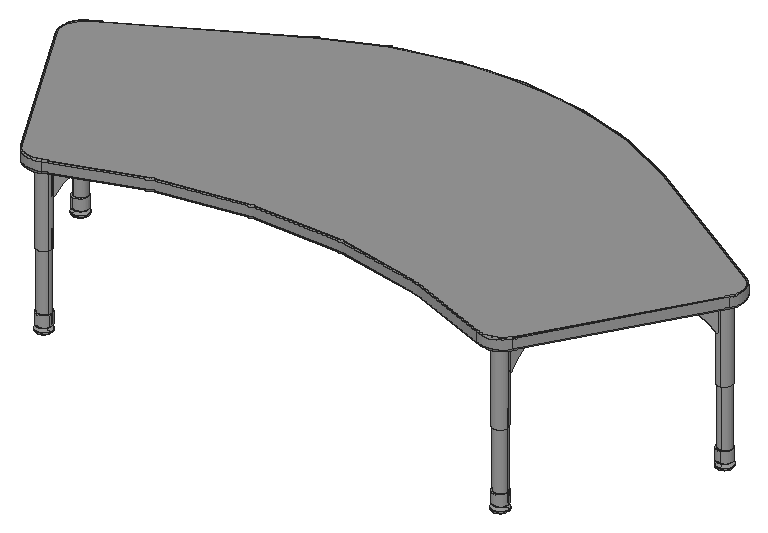
Revit family "Hierarchy Cheshire 72in Table - Youth Height", category Furniture, Revit 2018
Family settings
  Work Plane-Based = No
  Always vertical = Yes
  Cut with Voids When Loaded = No
  Shared = No
  Room Calculation Point = No
Parameters
  Table Height = 1' - 4"
  Surface = Hierarchy Cheshire 72" Table Youth Surface
  Leg Finish = Hierarchy Leg Platinum
  Edgeband = Hierarchy Cheshire 72" Table Youth Edgeband
  Caster/Glide = Hierarchy Youth Leg - Glide : Hierarchy Youth Leg - Glide
Reference planes (in)
  plane 1 "Center (Front/Back)": y = 0
  plane 2: z = 0
  plane 3 "Center (Left/Right)": x = 0
  plane 4: z = 16
Dimensions and locks (in)
  "Table Height": plane 4 to level
  aligned and locked: plane 2 to level
  aligned and locked: nested 6 to plane 4
Nested families (in)
  nested 1: "Hierarchy Youth Leg - Glide" at (-24.1536, -18.53982, 0) x (-0.9534, 0.3016, 0) z (0, 0, 1), type <- "Caster/Glide", Leg Finish <- "Leg Finish", Leg Height <- "Table Height", type "Hierarchy Youth Leg - Glide"
    with Leg Height 1' - 4", Leg Finish Hierarchy Leg Platinum
  nested 2: "Hierarchy Youth Leg - Glide" at (-34.0978, -1.28673, 0) x (-0.2588, -0.9659, 0) z (0, 0, 1), type <- "Caster/Glide", Leg Finish <- "Leg Finish", Leg Height <- "Table Height", type "Hierarchy Youth Leg - Glide"
    with Leg Height 1' - 4", Leg Finish Hierarchy Leg Platinum
  nested 3: "Hierarchy Youth Leg - Glide" at (0, 13.06799, 0) x (-1, 0, 0) z (0, 0, 1), Leg Finish <- "Leg Finish", Leg Height <- "Table Height", type "Hierarchy Youth Leg - Glide"
    with Leg Height 1' - 4", Leg Finish Hierarchy Leg Platinum
  nested 4: "Hierarchy Youth Leg - Glide" at (24.12564, -18.53982, 0) x (0.9534, 0.3016, 0) z (0, 0, 1), Leg Finish <- "Leg Finish", Leg Height <- "Table Height", type "Hierarchy Youth Leg - Glide"
    with Leg Height 1' - 4", Leg Finish Hierarchy Leg Platinum
  nested 5: "Hierarchy Youth Leg - Glide" at (34.06983, -1.28673, 0) x (0.2588, -0.9659, 0) z (0, 0, 1), Leg Finish <- "Leg Finish", Leg Height <- "Table Height", type "Hierarchy Youth Leg - Glide"
    with Leg Height 1' - 4", Leg Finish Hierarchy Leg Platinum
  nested 6: "Hierarchy Cheshire 72in Tabletop" at (0, 3, -7.925), type "Hierarchy Cheshire 72in Tabletop"
Definition of nested family "Hierarchy Youth Leg - Glide"
  Parameters (values of type "Hierarchy Youth Leg - Glide")
    Leg Finish [instance] = none
    Leg Height [instance] = 1' - 4.80117"
  Reference planes (in)
    plane 1 "Center (Front/Back)": y = 0
    plane 2: z = 0
    plane 3 "Center (Left/Right)": x = 0
  Forms (in)
    Extrusion 1, solid
      sketch origin (-0.01562, 0, 0) x (1, 0, 0) y (0, 1, 0)
        loop
          circle (0.01563, 0) r 0.67016
      from 0.67618 to 10.55018
    Revolve 2, solid
      sketch origin (0, 0, 0) x (1, 0, 0) y (0, 0, 1)
        loop
          line (-0.73189, 1.80118) -> (-0.79439, 1.73867) -> (-0.79439, 0.61381) -> (-0.73176, 0.55118) -> (-0.125, 0.55118) -> (-0.125, 0.42618) -> (-0.84656, 0.16241) -> (-0.84656, 0.08994) -> (-0.81359, 0) -> (0, 0) -> (0, 1.80118) -> (-0.73189, 1.80118)
        axis (0, 1.80118) -> (0, 0)
      angle from 0 to 360
  Dimensions and locks (in)
    "Leg Height": nested 1 to level  (x2)
    aligned and locked: plane 2 to level
  Automatic sketch dimensions
    plane 1 "Center (Front/Back)" to Extrusion 1 sketch curve = 0' - 0"
    Extrusion 1 sketch curve to plane 3 "Center (Left/Right)" = 0' - 0"
    Revolve 2 sketch curve to level = 0' - 0"
    Revolve 2 sketch curve to plane 3 "Center (Left/Right)" = 0' - 0"  (x2)
    Revolve 2 sketch curve to plane 3 "Center (Left/Right)" = 0' - 0 1/8"
    Revolve 2 sketch curve to Revolve 2 sketch curve = 0' - 0.60676"
    Revolve 2 sketch curve to Revolve 2 sketch curve = 0' - 0.73189"
    Revolve 2 sketch curve to Revolve 2 sketch curve = 0' - 0.06263"  (x2)
    Revolve 2 sketch curve to Revolve 2 sketch curve = 0' - 0.08183"
    Revolve 2 sketch curve to Revolve 2 sketch curve = 0' - 0.03297"
    level to Revolve 2 sketch curve = 0' - 0.08994"
    Revolve 2 sketch curve to Revolve 2 sketch curve = 0' - 0.07247"
    level to Revolve 2 sketch curve = 0' - 0.42618"
    Revolve 2 sketch curve to Revolve 2 sketch curve = 0' - 0 1/8"
    Revolve 2 sketch curve to Revolve 2 sketch curve = 0' - 1.12486"
    Revolve 2 sketch curve to Revolve 2 sketch curve = 0' - 0 1/16"
    Revolve 2 sketch curve to level = 2' - 0"
    Revolve 2 sketch curve to Revolve 2 sketch curve = 8' - 4.91764"
    radius of Extrusion 1 sketch curve = 0' - 0.67016"
  Nested families (in)
    nested 1: "Hierarchy Youth Upper Leg 2023" at (0, 0, 0), Leg Finish <- "Leg Finish", type "Hierarchy Youth Upper Leg 2023"
      with Leg Finish none
  Definition of nested family "Hierarchy Youth Upper Leg 2023"
    Parameters (values of type "Hierarchy Youth Upper Leg 2023")
      Leg Finish [instance] = none
    Reference planes (in)
      plane 1 "Center (Front/Back)": y = 0
      plane 2: z = 0
      plane 3 "Center (Left/Right)": x = 0
    Forms (in)
      Extrusion 1, solid, material <- "Leg Finish"
        sketch origin (0, 0, -11.001) x (1, 0, 0) y (0, 1, 0)
          loop
            circle (0, 0) r 0.75
        from 19.67618 to 27.67618
      Extrusion 2, solid, material <- "Leg Finish"
        sketch origin (0, 0, -11.001) x (1, 0, 0) y (0, 1, 0)
          loop
            line (-1.70174, 0.19183) -> (-2.88626, -2.26116)
            arc (-2.88626, -2.26116) -> (-2.83993, -3.09822) -> (-2.1063, -3.50394) r 0.86614
            line (-2.1063, -3.50394) -> (2.1063, -3.50394)
            arc (2.1063, -3.50394) -> (2.83993, -3.09822) -> (2.88626, -2.26116) r 0.86614
            line (2.88626, -2.26116) -> (1.70174, 0.19183)
            arc (1.70174, 0.19183) -> (0, 1.25984) -> (-1.70174, 0.19183) r 1.88976
        from 27.67618 to 27.80217
      Extrusion 3, solid, material <- "Leg Finish"
        sketch origin (-1.48519, 8.66524, -11.001) x (-0.434844, 0.900506, 0) y (0, 0, 1)
          loop
            line (-9.01425, 27.67618) -> (-11.80952, 27.67618)
            arc (-11.80952, 27.67618) -> (-11.92325, 27.58993) -> (-11.87088, 27.45715) r 0.11811
            arc (-11.87088, 27.45715) -> (-10.39364, 26.29679) -> (-9.23328, 24.81955) r 7.87402
            arc (-9.23328, 24.81955) -> (-9.1005, 24.76717) -> (-9.01425, 24.88091) r 0.11811
            line (-9.01425, 24.88091) -> (-9.01425, 27.67618)
        from -1.94075 to -1.81476
      Extrusion 4, solid, material <- "Leg Finish"
        sketch origin (1.48519, 8.66524, -11.001) x (0.434844, 0.900506, 0) y (0, 0, -1)
          loop
            line (-9.01425, -27.67618) -> (-9.01425, -24.88091)
            arc (-9.01425, -24.88091) -> (-9.1005, -24.76717) -> (-9.23328, -24.81955) r 0.11811
            arc (-9.23328, -24.81955) -> (-10.39364, -26.29679) -> (-11.87088, -27.45715) r 7.87402
            arc (-11.87088, -27.45715) -> (-11.92325, -27.58993) -> (-11.80952, -27.67618) r 0.11811
            line (-11.80952, -27.67618) -> (-9.01425, -27.67618)
        from -1.94075 to -1.81476
    Dimensions and locks (in)
      aligned and locked: plane 2 to level
Definition of nested family "Hierarchy Cheshire 72in Tabletop"
  Parameters (values of type "Hierarchy Cheshire 72in Tabletop")
    Surface = none
    Edgeband = none
  Reference planes (in)
    plane 1 "Center (Front/Back)": y = 0
    plane 2: z = 0
    plane 3 "Center (Left/Right)": x = 0
  Forms (in)
    Extrusion 1, solid, material <- "Surface"
      sketch origin (0, 0, 0) x (1, 0, 0) y (0, 1, 0)
        loop
          line (-35.59385, -5.53832) -> (-25.96523, -22.21558)
          arc (-25.96523, -22.21558) -> (-24.68196, -23.24647) -> (-23.03928, -23.14102) r 2.27344
          arc (-23.03928, -23.14102) -> (0, -18.05505) -> (23.03928, -23.14102) r 54.72656
          arc (23.03928, -23.14102) -> (24.68196, -23.24647) -> (25.96523, -22.21558) r 2.27344
          line (25.96523, -22.21558) -> (35.59385, -5.53832)
          arc (35.59385, -5.53832) -> (35.82097, -3.81319) -> (34.76172, -2.43275) r 2.27344
          line (34.76172, -2.43275) -> (18.6245, 6.88408)
          arc (18.6245, 6.88408) -> (0, 11.8745) -> (-18.6245, 6.88408) r 37.24899
          line (-18.6245, 6.88408) -> (-34.76172, -2.43275)
          arc (-34.76172, -2.43275) -> (-35.82097, -3.81319) -> (-35.59385, -5.53832) r 2.27344
      from 23.925 to 25.125
    Sweep 2, solid, material <- "Edgeband"
      path origin (0, 0, 0) x (1, 0, 0) y (0, 1, 0)
        loop
          line (-35.59385, -5.53832) -> (-25.96523, -22.21558)
          arc (-25.96523, -22.21558) -> (-24.68196, -23.24647) -> (-23.03928, -23.14102) r 2.27344
          arc (-23.03928, -23.14102) -> (0, -18.05505) -> (23.03928, -23.14102) r 54.72656
          arc (23.03928, -23.14102) -> (24.68196, -23.24647) -> (25.96523, -22.21558) r 2.27344
          line (25.96523, -22.21558) -> (35.59385, -5.53832)
          arc (35.59385, -5.53832) -> (35.82097, -3.81319) -> (34.76172, -2.43275) r 2.27344
          line (34.76172, -2.43275) -> (18.6245, 6.88408)
          arc (18.6245, 6.88408) -> (0, 11.8745) -> (-18.6245, 6.88408) r 37.24899
          line (-18.6245, 6.88408) -> (-34.76172, -2.43275)
          arc (-34.76172, -2.43275) -> (-35.82097, -3.81319) -> (-35.59385, -5.53832) r 2.27344
      profile origin (-30.77954, -13.87695, 0) x (0.866025, 0.5, 0) y (0, 0, 1)
        loop
          arc (0, 25.125) -> (-0.07071, 25.09571) -> (-0.1, 25.025) r 0.1
          line (-0.1, 25.025) -> (-0.1, 24.025)
          arc (-0.1, 24.025) -> (-0.07071, 23.95429) -> (0, 23.925) r 0.1
          line (0, 23.925) -> (0, 25.125)
  Dimensions and locks (in)
    aligned and locked: plane 2 to level
